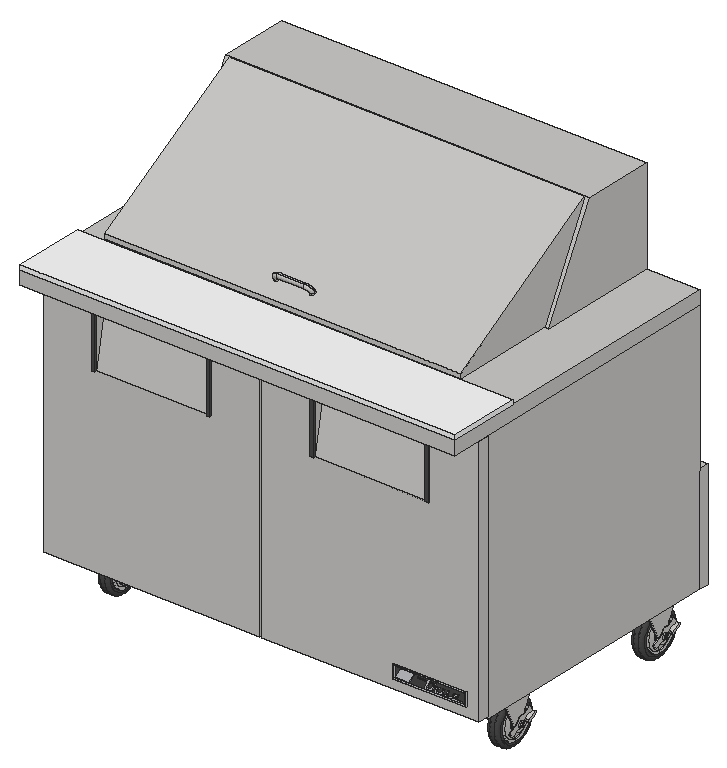
Revit family "QF_TRUE_TSSU-48-18M-B-HC_cat", category Specialty Equipment, Revit 2016
Family settings
  Part Type = Normal
  Round Connector Dimension = Use Diameter
  Work Plane-Based = No
  Always vertical = Yes
  Cut with Voids When Loaded = No
  Shared = No
  Room Calculation Point = No
Parameters
  Weight in Pounds = 310
  Watts = if(Phase = 3, Volts * FL Amps * 1.73, Volts * FL Amps)  # 667 W
  Volts = 115 V
  URL Cutsheet = ""
  Specification by User = ""
  Specification by Manufacturer = ""
  Show 6 Inches Seismic Flanged Legs [instance] = no
  Show Logo [instance] = yes
  Show Default Castors [instance] = if(Show 6 Inches Standard Legs, or(Show 6 Inches Seismic Flanged Legs, Show 2.5 Inches Castors), if(Show 2.5 Inches Castors, Show 6 Inches Seismic Flanged Legs, not(or(Show 6 Inches Seismic Flanged Legs, Show 2.5 Inches Castors, Show 6 Inches Standard Legs))))  # yes
  Show Clearance [instance] = yes
  Show 6 Inches Standard Legs [instance] = no
  Show 2.5 Inches Castors [instance] = no
  Serial Number = ""
  Seismic Rating = ""
  SMACNA No = ""
  Revision Code = ""
  Phase = 1
  Number of Poles = 1
  NAFEM Spec ID Number = ""
  Model = "TSSU-48-18M-B-HC"
  Min Ckt Ampacity = 0 A
  Max Overcurrent Protection = 0 A
  Masterspec = ""
  Manufacturer = "TRUE"
  Length = 48 5/16"
  Item Number = ""
  Installed By = ""
  Identify Quantity as Lot = yes
  Height [instance] = Base Height + Body Height  # 46 15/32"
  HP = "1/3"
  Furnished By = ""
  Foodservice Equipment Identifier = yes
  FL Amps = 5.8 A
  Electrical Remarks = ""
  Electric Connection Type = ""
  Elec Conn RI Height = 0"
  Elec Conn Connection Height = 0"
  Description = "MEGA-TOP SOLID DOOR SANDWICH/SALAD UNIT WITH HYDROCARBON REFRIGERANT"
  Depth = 34 1/16"
  Cycle = 60 Hz
  Conn Plug = "NEMA 5-15P"
  Conn Conduit = yes
  CSI MasterFormat = ""
  Body Height [instance] = 40 9/32"
  Base Height [instance] = if(Show Default Castors, 6 3/16", if(Show 6 Inches Standard Legs, 6", if(Show 6 Inches Seismic Flanged Legs, 6", if(Show 2.5 Inches Castors, 2 1/2", 6 3/16"))))  # 6 3/16"
  Apparent Power = if(Phase = 3, Volts * FL Amps * 1.73, Volts * FL Amps)  # 667 VA
  6 Inches Standard Legs [instance] = and(Show 6 Inches Standard Legs, not(Show Default Castors))  # no
  6 Inches Seismic Flanged Legs [instance] = and(Show 6 Inches Seismic Flanged Legs, not(Show Default Castors))  # no
  2.5 Inches Castors [instance] = and(Show 2.5 Inches Castors, not(Show Default Castors))  # no
Reference planes (in)
  plane 1 "BACK": y = 0
  plane 2: z = 0
  plane 3 "LEFT": x = 0
  plane 4 "RIGHT": x = 48.3125
  plane 5 "FRONT": y = -34.0625
  plane 6 "TOP": z = 46.46875
  plane 7 "Center Y": x = 24.15625
  plane 8 "Center X": y = -17.03125
  plane 9: y = -51.53125
  plane 10: z = 6.1875
Dimensions and locks (in)
  equal spacing: plane 3 "LEFT", plane 7 "Center Y", plane 4 "RIGHT"
  "Length": plane 3 "LEFT" to plane 4 "RIGHT"
  equal spacing: plane 5 "FRONT", plane 8 "Center X", plane 1 "BACK"
  "Depth": plane 5 "FRONT" to plane 1 "BACK"
  "Base Height": plane 10 to level
  plane 3 "LEFT" to plane 4 "RIGHT" = 48 5/16"
  plane 9 to plane 5 "FRONT" = 17 15/32"  (x2)
  plane 9 to plane 1 "BACK" = 51 17/32"
  "Body Height": plane 6 "TOP" to plane 10
  plane 6 "TOP" to level = 46 15/32"
  aligned and locked: level to plane 2
  aligned and locked: nested 5 to plane 10
Nested families (in)
  nested 1: "CASTORS" at (2.5, -4.5, 0), Show 6" Casters <- "Show Default Castors", Show Seismic flanged legs <- "6 Inches Seismic Flanged Legs", Show Standard Legs <- "6 Inches Standard Legs", Show 2.5" Casters <- "2.5 Inches Castors", type "CASTORS"
    with Type Mark "", Status "", Specification by User "", Show Standard Legs no, Show Seismic flanged legs no, Show 6" Casters yes, Show 2.5" Casters no, Revision Code "", Key Locks yes, Item Number "", Installed By "", Identify Quantity as Lot yes, Furnished By "", Foodservice Equipment Identifier yes
  nested 2: "CASTORS" at (45.8125, -4.5, 0), Show 6" Casters <- "Show Default Castors", Show Seismic flanged legs <- "6 Inches Seismic Flanged Legs", Show Standard Legs <- "6 Inches Standard Legs", Show 2.5" Casters <- "2.5 Inches Castors", type "CASTORS"
    with Type Mark "", Status "", Specification by User "", Show Standard Legs no, Show Seismic flanged legs no, Show 6" Casters yes, Show 2.5" Casters no, Revision Code "", Key Locks yes, Item Number "", Installed By "", Identify Quantity as Lot yes, Furnished By "", Foodservice Equipment Identifier yes
  nested 3: "CASTORS" at (45.8125, -24.5, 0), Show 6" Casters <- "Show Default Castors", Show Seismic flanged legs <- "6 Inches Seismic Flanged Legs", Show Standard Legs <- "6 Inches Standard Legs", Show 2.5" Casters <- "2.5 Inches Castors", type "CASTORS"
    with Type Mark "", Status "", Specification by User "", Show Standard Legs no, Show Seismic flanged legs no, Show 6" Casters yes, Show 2.5" Casters no, Revision Code "", Key Locks yes, Item Number "", Installed By "", Identify Quantity as Lot yes, Furnished By "", Foodservice Equipment Identifier yes
  nested 4: "CASTORS" at (2.5, -24.5, 0), Show 6" Casters <- "Show Default Castors", Show Seismic flanged legs <- "6 Inches Seismic Flanged Legs", Show Standard Legs <- "6 Inches Standard Legs", Show 2.5" Casters <- "2.5 Inches Castors", type "CASTORS"
    with Type Mark "", Status "", Specification by User "", Show Standard Legs no, Show Seismic flanged legs no, Show 6" Casters yes, Show 2.5" Casters no, Revision Code "", Key Locks yes, Item Number "", Installed By "", Identify Quantity as Lot yes, Furnished By "", Foodservice Equipment Identifier yes
  nested 5: "TSSU-48-18M-B-HC" at (0, 0, 0), Show Clearance <- "Show Clearance", Show Logo <- "Show Logo", type "TSSU-48-18M-B-HC"
    with Show Logo yes, Show Clearance yes
Connectors (in)
  electrical at (45.36272, 1, 10.426), driven by "Volts", driven by "Watts"
    settings: on nested 5, index 1, voltage 115 V, apparent load 667 VA, apparent load phase1 0 VA, apparent load phase2 0 VA, apparent load phase3 0 VA, power factor 1, load classification "Other", number of poles 1, system type 30, power factor state 1, is connector primary yes, connector utility no, sub classification motor no, connector description "ELECTRICAL CONNECTION"
Definition of nested family "CASTORS"
  Parameters (values of type "CASTORS")
    Weight = ""
    URL Manufacturer = ""
    URL Cutsheet = ""
    URL = ""
    Type Mark [instance] = ""
    Status [instance] = ""
    Specification by User [instance] = ""
    Specification by Manufacturer = ""
    Show Standard Legs [instance] = yes
    Show Seismic flanged legs [instance] = yes
    Show 6" Casters [instance] = yes
    Show 2.5" Casters [instance] = yes
    Serial Number = ""
    Seismic Rating = ""
    SMACNA No = ""
    Revision Code [instance] = ""
    Omniclass Number and Title = ""
    NAFEM Spec ID Number = ""
    Model = ""
    MasterSpec. = ""
    Manufacturer = ""
    Key Locks [instance] = yes
    Item Number [instance] = ""
    Installed By [instance] = ""
    Identify Quantity as Lot [instance] = yes
    Furnished By [instance] = ""
    Foodservice Equipment Identifier [instance] = yes
    Description = ""
    CSI MasterFormat = ""
    CSI Master Format = ""
    Assembly Code = ""
  Reference planes (in)
    plane 1: z = 0
    plane 2 "RIGHT": x = 0
    plane 3 "FRONT": y = 0
    plane 4 "TOP": z = 6
    plane 5: z = 6.1875
  Forms (in)
    Revolve 1, solid, visible <- "Show 6" Casters"
      sketch origin (0, 2.21793, 0) x (0, 1, 0) y (0, 0, 1)
        loop
          line (-2.21793, 6.1875) -> (-2.21793, 5.55584) -> (-0.93693, 5.55584) -> (-0.93693, 6.1875) -> (-2.21793, 6.1875)
        axis (-2.21793, 5.55584) -> (-2.21793, 6.1875)
      angle from 0 to 360
    Extrusion 2, solid, visible <- "Show 6" Casters"
      sketch origin (-1.81294, 2.21793, 0) x (0, 1, 0) y (0, 0, 1)
        loop
          line (-3.37793, 5.55584) -> (-3.37793, 5.25584) -> (-3.23369, 5.25584)
          arc (-3.23369, 5.25584) -> (-3.1238, 5.20977) -> (-3.03725, 5.12786) r 0.33195
          line (-3.03725, 5.12786) -> (-1.55521, 1.94961)
          arc (-1.55521, 1.94961) -> (-0.54268, 1.81523) -> (-0.22336, 2.78544) r 0.8
          arc (-0.22336, 2.78544) -> (-0.27816, 2.89808) -> (-0.34988, 3.00079) r 0.8
          arc (-0.34988, 3.00079) -> (-0.37005, 3.3613) -> (-0.26088, 3.70547) r 1
          line (-0.26088, 3.70547) -> (0.31507, 4.78867)
          arc (0.31507, 4.78867) -> (-0.09241, 4.97284) -> (-0.5252, 5.08531) r 2.63
          line (-0.5252, 5.08531) -> (-0.54193, 5.25584) -> (-1.05793, 5.25584) -> (-1.05793, 5.55584) -> (-3.37793, 5.55584)
      from 0.78968 to 0.90247
    Extrusion 3, solid, visible <- "Show 6" Casters"
      sketch origin (0.13094, 2.21793, 0) x (0, 1, 0) y (0, 0, 1)
        loop
          line (-3.37793, 5.55584) -> (-3.37793, 5.25584) -> (-3.23369, 5.25584)
          arc (-3.23369, 5.25584) -> (-3.1238, 5.20977) -> (-3.03725, 5.12786) r 0.33195
          line (-3.03725, 5.12786) -> (-1.55521, 1.94961)
          arc (-1.55521, 1.94961) -> (-0.54268, 1.81523) -> (-0.22336, 2.78544) r 0.8
          arc (-0.22336, 2.78544) -> (-0.27816, 2.89808) -> (-0.34988, 3.00079) r 0.8
          arc (-0.34988, 3.00079) -> (-0.37005, 3.3613) -> (-0.26088, 3.70547) r 1
          line (-0.26088, 3.70547) -> (0.31507, 4.78867)
          arc (0.31507, 4.78867) -> (-0.09241, 4.97284) -> (-0.5252, 5.08531) r 2.63
          line (-0.5252, 5.08531) -> (-0.54193, 5.25584) -> (-1.05793, 5.25584) -> (-1.05793, 5.55584) -> (-3.37793, 5.55584)
      from 0.78968 to 0.90247
    Extrusion 4, solid, visible <- "Show 6" Casters"
      sketch origin (-1.93794, 2.21793, 0) x (0, 1, 0) y (0, 0, 1)
        loop
          line (-3.37793, 5.55584) -> (-3.37793, 5.25584) -> (-3.23369, 5.25584) -> (-0.7432, 5.03796) -> (0.2811, 4.72479) -> (0.31507, 4.78867)
          arc (0.31507, 4.78867) -> (-0.09241, 4.97284) -> (-0.5252, 5.08531) r 2.63
          line (-0.5252, 5.08531) -> (-0.54193, 5.25584) -> (-1.05793, 5.25584) -> (-1.05793, 5.55584) -> (-3.37793, 5.55584)
      from 1.02747 to 2.85669
    Revolve 5, solid, visible <- "Show 6" Casters"
      sketch origin (-1.93794, 1.21343, 0) x (1, 0, 0) y (0, 0, 1)
        loop
          line (0.5843, 2.5041) -> (3.2907, 2.5041) -> (3.2907, 2.6421) -> (3.2407, 2.6921) -> (3.1807, 2.6921) -> (3.1807, 2.8278) -> (2.7025, 2.8278) -> (2.7025, 3.22009) -> (2.5625, 3.30092) -> (2.42847, 4.1291) -> (2.59375, 4.1291) -> (2.59375, 4.3791) -> (2.5625, 4.3791) -> (2.5625, 4.6291)
          arc (2.5625, 4.6291) -> (2.45267, 4.89426) -> (2.1875, 5.0041) r 0.375
          line (2.1875, 5.0041) -> (1.6875, 5.0041)
          arc (1.6875, 5.0041) -> (1.42233, 4.89426) -> (1.3125, 4.6291) r 0.375
          line (1.3125, 4.6291) -> (1.3125, 4.3791) -> (1.28125, 4.3791) -> (1.28125, 4.1291) -> (1.44653, 4.1291) -> (1.31307, 3.30443) -> (1.1725, 3.22327) -> (1.1725, 2.8278) -> (0.6943, 2.8278) -> (0.6943, 2.6921) -> (0.6343, 2.6921) -> (0.5843, 2.6421) -> (0.5843, 2.5041)
        axis (0.5843, 2.5041) -> (3.2907, 2.5041)
      angle from 0 to 360
    Extrusion 6, solid, visible <- "Show 6" Casters"
      sketch origin (1.125, 2.28164, 0.06473) x (0, 1, 0) y (0, 0, 1)
        loop
          line (-2.58496, 2.03961) -> (-2.48146, 1.86034)
          arc (-2.48146, 1.86034) -> (-2.2914, 1.71451) -> (-2.05389, 1.74578) r 0.313
          line (-2.05389, 1.74578) -> (-1.65224, 1.97767)
          arc (-1.65224, 1.97767) -> (-1.57675, 2.00894) -> (-1.49574, 2.01961) r 0.313
          line (-1.49574, 2.01961) -> (-0.75504, 2.01961)
          arc (-0.75504, 2.01961) -> (-0.50047, 2.10967) -> (-0.33862, 2.32583) r 0.46592
          arc (-0.33862, 2.32583) -> (-0.3435, 2.357) -> (-0.36609, 2.37904) r 0.05
          arc (-0.36609, 2.37904) -> (-0.62217, 2.51108) -> (-0.52795, 2.78336) r 0.22
          line (-0.52795, 2.78336) -> (0.14284, 3.17074)
          arc (0.14284, 3.17074) -> (0.24081, 3.14321) -> (0.21087, 3.04595) r 0.07109
          line (0.21087, 3.04595) -> (0.3415, 2.91533)
          arc (0.3415, 2.91533) -> (0.46473, 3.10362) -> (0.42979, 3.32592) r 0.313
          line (0.42979, 3.32592) -> (0.23309, 3.66661) -> (-0.54633, 3.21661)
          arc (-0.54633, 3.21661) -> (-0.67098, 3.20163) -> (-0.79652, 3.20306) r 0.9589
          arc (-0.79652, 3.20306) -> (-1.13602, 3.13035) -> (-1.38688, 2.89031) r 0.63657
          arc (-1.38688, 2.89031) -> (-1.45411, 2.76529) -> (-1.53273, 2.64711) r 1.51617
          line (-1.53273, 2.64711) -> (-1.89213, 2.43961) -> (-2.58496, 2.03961)
      from 0 to 0.0625
    Extrusion 7, solid, visible <- "Show 6" Casters"
      sketch origin (1.125, 2.28164, 0.06473) x (0, 1, 0) y (0, 0, 1)
        loop
          arc (-0.45692, 2.6604) -> (-0.48136, 2.54745) -> (-0.36656, 2.53415) r 0.078
          line (-0.36656, 2.53415) -> (0.3415, 2.91533)
          arc (0.3415, 2.91533) -> (0.44304, 3.03852) -> (0.47061, 3.19578) r 0.313
          line (0.47061, 3.19578) -> (-0.45692, 2.6604)
      from 0 to 0.5
    Extrusion 8, solid, visible <- "Show 6" Casters"
      sketch origin (-1.125, 2.28164, 0.06473) x (0, 1, 0) y (0, 0, -1)
        loop
          line (-2.58496, -2.03961) -> (-1.89213, -2.43961) -> (-1.53273, -2.64711)
          arc (-1.53273, -2.64711) -> (-1.45411, -2.76529) -> (-1.38688, -2.89031) r 1.51617
          arc (-1.38688, -2.89031) -> (-1.13602, -3.13035) -> (-0.79652, -3.20306) r 0.63657
          arc (-0.79652, -3.20306) -> (-0.67098, -3.20163) -> (-0.54633, -3.21661) r 0.9589
          line (-0.54633, -3.21661) -> (0.23309, -3.66661) -> (0.42979, -3.32592)
          arc (0.42979, -3.32592) -> (0.46473, -3.10362) -> (0.3415, -2.91533) r 0.313
          line (0.3415, -2.91533) -> (0.21087, -3.04595)
          arc (0.21087, -3.04595) -> (0.24081, -3.14321) -> (0.14284, -3.17074) r 0.07109
          line (0.14284, -3.17074) -> (-0.52795, -2.78336)
          arc (-0.52795, -2.78336) -> (-0.62217, -2.51108) -> (-0.36609, -2.37904) r 0.22
          arc (-0.36609, -2.37904) -> (-0.3435, -2.357) -> (-0.33862, -2.32583) r 0.05
          arc (-0.33862, -2.32583) -> (-0.50047, -2.10967) -> (-0.75504, -2.01961) r 0.46592
          line (-0.75504, -2.01961) -> (-1.49574, -2.01961)
          arc (-1.49574, -2.01961) -> (-1.57675, -2.00894) -> (-1.65224, -1.97767) r 0.313
          line (-1.65224, -1.97767) -> (-2.05389, -1.74578)
          arc (-2.05389, -1.74578) -> (-2.2914, -1.71451) -> (-2.48146, -1.86034) r 0.313
          line (-2.48146, -1.86034) -> (-2.58496, -2.03961)
      from 0 to 0.0625
    Extrusion 9, solid, visible <- "Show 6" Casters"
      sketch origin (-1.125, 2.28164, 0.06473) x (0, 1, 0) y (0, 0, -1)
        loop
          line (-0.45692, -2.6604) -> (0.47061, -3.19578)
          arc (0.47061, -3.19578) -> (0.44304, -3.03852) -> (0.3415, -2.91533) r 0.313
          line (0.3415, -2.91533) -> (-0.36656, -2.53415)
          arc (-0.36656, -2.53415) -> (-0.48136, -2.54745) -> (-0.45692, -2.6604) r 0.078
      from 0 to 0.5
    Revolve 10, solid, visible <- "Show Standard Legs"
      sketch origin (11.12172, 0, 0) x (-1, 0, 0) y (0, 0, -1)
        loop
          line (11.12172, -6.125) -> (11.12172, 0) -> (10.62172, 0) -> (10.62172, -1.30261) -> (10.37172, -1.30261) -> (10.37172, -6.125) -> (11.12172, -6.125)
        axis (11.12172, 0) -> (11.12172, -6.125)
      angle from 0 to 360
    Extrusion 11, solid, visible <- "Show Seismic flanged legs"
      sketch origin (0, 0, 0) x (1, 0, 0) y (0, 1, 0)
        loop
          circle (-0.00825, 0) r 1
      from 0 to 0.125
    Revolve 12, solid, visible <- "Show Seismic flanged legs"
      sketch origin (11.12172, 0, 0) x (-1, 0, 0) y (0, 0, -1)
        loop
          line (11.12172, -6.125) -> (11.12172, -0.125) -> (10.62172, -0.125) -> (10.62172, -1.30261) -> (10.37172, -1.30261) -> (10.37172, -6.125) -> (11.12172, -6.125)
        axis (11.12172, -0.125) -> (11.12172, -6.125)
      angle from 0 to 360
    Revolve 13, solid, visible <- "Show Standard Legs"
      sketch origin (-2.21793, 0, 0.25) x (-1, 0, 0) y (0, 0, 1)
        loop
          line (-2.21793, 5.875) -> (-2.21793, 5.55584) -> (-0.93693, 5.55584) -> (-0.93693, 5.875) -> (-2.21793, 5.875)
        axis (-2.21793, 5.55584) -> (-2.21793, 5.875)
      angle from 0 to 360
  Cuts and joins
    joined: Extrusion 2, Extrusion 3, Extrusion 4
  Lines and regions (in)
    symbolic lines, visible <- "Show 6" Casters"
      curve 1: line (0.70901, 2.6399, 0) -> (1.79507, 2.01286, 0)
      curve 2: line (-1.79099, -1.69023, 0) -> (-0.91599, -0.17468, 0)
      curve 3: line (-0.70493, -2.31727, 0) -> (-1.79099, -1.69023, 0)
      curve 4: line (1.79507, 2.01286, 0) -> (0.92007, 0.49732, 0)
      curve 5: line (-0.16599, 1.12436, 0) -> (0.70901, 2.6399, 0)
      curve 6: line (0.17007, -0.80172, 0) -> (-0.70493, -2.31727, 0)
  Dimensions and locks (in)
    plane 4 "TOP" to level = 6"  (x2)
    Revolve 5 sketch curve to Revolve 5 sketch curve = 2 1/2"
    plane 5 to level = 6 3/16"
    locked: Revolve 10 sketch curve to Revolve 10 sketch curve at 1.30261
    locked: Revolve 10 sketch curve to Revolve 10 sketch curve at 0.75
    locked: Revolve 12 sketch curve to Revolve 12 sketch curve at 0.75
    aligned and locked: level to plane 1
  Nested families (in)
    nested 1: "2.5 INCHES_CASTER" at (0, 0, 0), visible <- "Show 2.5" Casters", type "2.5 INCHES_CASTER"
      with Type Mark "", Specification by User "", Revision Code "", Item Number "", Installed By "", Identify Quantity as Lot yes, Furnished By "", Foodservice Equipment Identifier yes, 2.5 Inches Caster yes
  Definition of nested family "2.5 INCHES_CASTER"
    Parameters (values of type "2.5 INCHES_CASTER")
      Weight = ""
      URL Manufacturer = ""
      URL Cutsheet = ""
      URL = ""
      Type Mark [instance] = ""
      Specification by User [instance] = ""
      Specification by Manufacturer = ""
      Serial Number = ""
      Seismic Rating = ""
      SMACNA No = ""
      Revision Code [instance] = ""
      Omniclass Number and Title = ""
      NAFEM Spec ID Number = ""
      Model = ""
      MasterSpec. = ""
      Manufacturer = ""
      Item Number [instance] = ""
      Installed By [instance] = ""
      Identify Quantity as Lot [instance] = yes
      Furnished By [instance] = ""
      Foodservice Equipment Identifier [instance] = yes
      Description = ""
      CSI MasterFormat = ""
      CSI Master Format = ""
      Assembly Code = ""
      2.5 Inches Caster [instance] = yes
    Reference planes (in)
      plane 1: z = 0
      plane 2 "RIGHT": x = 0
      plane 3 "FRONT": y = 0
      plane 4 "TOP": z = 2.5
    Forms (in)
      Revolve 1, solid
        sketch origin (-1.93794, 0.46818, -1.0041) x (1, 0, 0) y (0, 0, 1)
          loop
            line (0.74055, 1.92597) -> (0.74055, 1.85047) -> (0.79055, 1.80047) -> (0.85055, 1.80047) -> (0.85055, 1.6804) -> (1.235, 1.6804) -> (1.235, 1.61305) -> (1.38673, 1.52545) -> (1.4003, 1.4416) -> (1.34375, 1.4416) -> (1.34375, 1.3166) -> (1.375, 1.3166) -> (1.375, 1.0041) -> (2.48438, 1.0041) -> (2.48438, 1.3166) -> (2.51563, 1.3166) -> (2.51563, 1.4416) -> (2.45908, 1.4416) -> (2.47322, 1.52897) -> (2.62438, 1.61624) -> (2.62438, 1.6804) -> (3.04007, 1.6804) -> (3.04007, 1.80047) -> (3.10007, 1.80047) -> (3.15007, 1.85047) -> (3.15007, 1.92597) -> (0.74055, 1.92597)
          axis (0.74055, 1.92597) -> (3.15007, 1.92597)
        angle from 0 to 360
      Extrusion 2, solid
        sketch origin (-1.93794, 1.43296, -3.2541) x (0, 1, 0) y (0, 0, 1)
          loop
            line (-0.64294, 5.43229) -> (-0.64294, 5.55298) -> (-2.21294, 5.55298) -> (-2.21294, 5.30272) -> (-1.81966, 5.30272)
            arc (-1.81966, 5.30272) -> (-1.13638, 5.20789) -> (-0.46376, 5.05475) r 8.02767
            arc (-0.46376, 5.05475) -> (-0.19511, 4.95469) -> (0.05138, 4.80832) r 1.60049
            line (0.05138, 4.80832) -> (0.12713, 4.91318)
            arc (0.12713, 4.91318) -> (-0.07255, 5.06376) -> (-0.29048, 5.18644) r 1.8753
            line (-0.29048, 5.18644) -> (-0.22239, 5.30423)
            arc (-0.22239, 5.30423) -> (-0.42776, 5.38437) -> (-0.64294, 5.43229) r 1.44292
        from 1.17357 to 2.70231
      Revolve 3, solid
        sketch origin (0, 1.73858, -3.75) x (0, 1, 0) y (0, 0, 1)
          loop
            line (-1.73858, 6.25) -> (-1.73858, 6.04889) -> (-1.05793, 6.04889) -> (-1.05793, 6.25) -> (-1.73858, 6.25)
          axis (-1.73858, 6.04889) -> (-1.73858, 6.25)
        angle from 0 to 360
      Extrusion 4, solid
        sketch origin (-1.98481, 1.43296, -1.7541) x (0, 1, 0) y (0, 0, 1)
          loop
            line (-2.21294, 4.05298) -> (-2.21294, 3.80272) -> (-2.13999, 3.80272)
            arc (-2.13999, 3.80272) -> (-1.62379, 3.51899) -> (-1.39241, 2.97729) r 0.90292
            arc (-1.39241, 2.97729) -> (-1.36136, 2.78161) -> (-1.29729, 2.59413) r 1.15385
            arc (-1.29729, 2.59413) -> (-0.94802, 2.37355) -> (-0.6121, 2.61396) r 0.37001
            arc (-0.6121, 2.61396) -> (-0.59625, 2.66241) -> (-0.58446, 2.712) r 0.61695
            arc (-0.58446, 2.712) -> (-0.36134, 3.11665) -> (0.05609, 3.31484) r 0.75313
            line (0.05609, 3.31484) -> (0.12713, 3.41318)
            arc (0.12713, 3.41318) -> (-0.07255, 3.56376) -> (-0.29048, 3.68644) r 1.8753
            line (-0.29048, 3.68644) -> (-0.22239, 3.80423)
            arc (-0.22239, 3.80423) -> (-0.42776, 3.88437) -> (-0.64294, 3.93229) r 1.44292
            line (-0.64294, 3.93229) -> (-0.64294, 4.05298) -> (-2.21294, 4.05298)
        from 2.74918 to 2.90825
      Extrusion 5, solid
        sketch origin (1.98481, 1.43296, -1.7541) x (0, 1, 0) y (0, 0, -1)
          loop
            line (-2.21294, -4.05298) -> (-0.64294, -4.05298) -> (-0.64294, -3.93229)
            arc (-0.64294, -3.93229) -> (-0.42776, -3.88437) -> (-0.22239, -3.80423) r 1.44292
            line (-0.22239, -3.80423) -> (-0.29048, -3.68644)
            arc (-0.29048, -3.68644) -> (-0.07255, -3.56376) -> (0.12713, -3.41318) r 1.8753
            line (0.12713, -3.41318) -> (0.05609, -3.31484)
            arc (0.05609, -3.31484) -> (-0.36134, -3.11665) -> (-0.58446, -2.712) r 0.75313
            arc (-0.58446, -2.712) -> (-0.59625, -2.66241) -> (-0.6121, -2.61396) r 0.61695
            arc (-0.6121, -2.61396) -> (-0.94802, -2.37355) -> (-1.29729, -2.59413) r 0.37001
            arc (-1.29729, -2.59413) -> (-1.36136, -2.78161) -> (-1.39241, -2.97729) r 1.15385
            arc (-1.39241, -2.97729) -> (-1.62379, -3.51899) -> (-2.13999, -3.80272) r 0.90292
            line (-2.13999, -3.80272) -> (-2.21294, -3.80272) -> (-2.21294, -4.05298)
        from 2.74918 to 2.90825
    Lines and regions (in)
      symbolic lines, visible <- "2.5 Inches Caster"
        curve 1: line (0.19673, 1.08498, 0) -> (0.89966, 0.67914, 0)
        curve 2: line (-0.80327, -0.64707, 0) -> (0.19673, 1.08498, 0)
        curve 3: line (-0.10034, -1.05291, 0) -> (-0.80327, -0.64707, 0)
        curve 4: line (0.89966, 0.67914, 0) -> (-0.10034, -1.05291, 0)
    Dimensions and locks (in)
      plane 4 "TOP" to level = 2 1/2"  (x2)
      aligned and locked: level to plane 1
Definition of nested family "TSSU-48-18M-B-HC"
  Parameters (values of type "TSSU-48-18M-B-HC")
    Weight in Pounds = 310
    Watts = if(Phase = 3, Volts * FL Amps * 1.73, Volts * FL Amps)  # 667 W
    Volts = 115 V
    URL Cutsheet = ""
    Specification by User = ""
    Specification by Manufacturer = ""
    Show Logo [instance] = yes
    Show Clearance [instance] = yes
    Serial Number = ""
    Seismic Rating = ""
    SMACNA No = ""
    Revision Code = ""
    Phase = 1
    Number of Poles = 1
    NAFEM Spec ID Number = ""
    Model = "TSSU-48-18M-B-HC"
    Min Ckt Ampacity = 0 A
    Max Overcurrent Protection = 0 A
    Masterspec = ""
    Manufacturer = "TRUE"
    Length = 48 5/16"
    Item Number = ""
    Installed By = ""
    Identify Quantity as Lot = yes
    Height = 46 15/32"
    HP = "1/3"
    Furnished By = ""
    Foodservice Equipment Identifier = yes
    FL Amps = 5.8 A
    Electrical Remarks = ""
    Electric Connection Type = ""
    Elec Conn RI Height = 0"
    Elec Conn Connection Height = 0"
    Description = "MEGA-TOP SOLID DOOR SANDWICH/SALAD UNIT WITH HYDROCARBON REFRIGERANT"
    Depth = 34 1/16"
    Cycle = 60 Hz
    Conn Plug = "NEMA 5-15P"
    Conn Conduit = yes
    CSI MasterFormat = ""
    Apparent Power = if(Phase = 3, Volts * FL Amps * 1.73, Volts * FL Amps)  # 667 VA
  Reference planes (in)
    plane 1 "BACK": y = 0
    plane 2: z = 0
    plane 3 "LEFT": x = 0
    plane 4 "RIGHT": x = 48.3125
    plane 5 "FRONT": y = -34.0625
    plane 6 "TOP": z = 46.46875
    plane 7 "Center Y": x = 24.15625
    plane 8 "Center X": y = -17.03125
    plane 9: y = -51.53125
    plane 10: y = 1
    plane 11: z = 6.1875
    plane 12: z = 3.875
  Forms (in)
    Extrusion 1, solid, visible <- "Show Clearance", detail levels coarse
      sketch origin (0, 0.75, 0) x (0, 1, 0) y (0, 0, 1)
        loop
          line (-8.625, 46.46875) -> (-12.07836, 51.21875)
          arc (-12.07836, 51.21875) -> (-21.46619, 46.09656) -> (-26.00818, 36.41469) r 17.18846
          line (-26.00818, 36.41469) -> (-8.625, 46.46875)
      from 2.34375 to 41.84375
    Extrusion 2, solid
      sketch origin (0, 1, -3.03125) x (0, 1, 0) y (0, 0, 1)
        loop
          line (-35.0625, 38.96875) -> (-35.0625, 37.46875) -> (-1, 37.46875) -> (-1, 38.96875) -> (-35.0625, 38.96875)
      from 0 to 48.3125
    Extrusion 3, solid
      sketch origin (0, 1, -3.03125) x (0, 1, 0) y (0, 0, 1)
        loop
          line (-35.0625, 38.96875) -> (-27.05817, 38.96875) -> (-27.05817, 39.46875) -> (-35.0625, 39.46875) -> (-35.0625, 38.96875)
      from 0 to 48.3125
    Extrusion 4, solid
      sketch origin (0.3125, 1, 0) x (0, 1, 0) y (0, 0, 1)
        loop
          line (-1, 46.46875) -> (-8.875, 46.46875) -> (-14.53299, 35.9375) -> (-1, 35.9375) -> (-1, 46.46875)
      from 1.53125 to 42.03125
    Extrusion 5, solid
      sketch origin (0, -3.90625, -3.03125) x (0, 1, 0) y (0, 0, 1)
        loop
          line (-3.96875, 49.5) -> (-21.3125, 39.46875) -> (-21.3125, 38.96875) -> (-9.62674, 38.96875) -> (-3.96875, 49.5)
      from 2.34375 to 41.84375
    Extrusion 6, solid
      sketch origin (0, 1, 0) x (0, 1, 0) y (0, 0, 1)
        loop
          line (-1, 34.4375) -> (-30.5625, 34.4375) -> (-30.5625, 6.1875) -> (-1, 6.1875) -> (-1, 34.4375)
      from 0 to 48.3125
    Extrusion 7, solid
      sketch origin (64.0625, -29.5625, 31.6875) x (0, 0, -1) y (-1, 0, 0)
        loop
          line (-2.625, 64.0625) -> (-2.625, 40.03125) -> (25.25, 40.03125) -> (25.25, 64.0625) -> (-2.625, 64.0625)
        loop
          line (25.25, 15.75) -> (25.25, 39.78125) -> (-2.625, 39.78125) -> (-2.625, 15.75) -> (25.25, 15.75)
        loop
          line (5.21362, 45.85937) -> (5.21362, 58.23437) -> (-1.28638, 58.23437) -> (-1.28638, 45.85937) -> (5.21362, 45.85937)
        loop
          line (5.21362, 33.95313) -> (-1.28638, 33.95313) -> (-1.28638, 21.57812) -> (5.21362, 21.57812) -> (5.21362, 33.95313)
      from 0 to -1.25
    Revolve 8, solid
      sketch origin (6, 1, -4.5) x (0, 1, 0) y (0, 0, 1)
        loop
          line (-0.60959, 34.53394) -> (-1, 34.53394) -> (-1, 33.92435) -> (0, 33.92435)
          arc (0, 33.92435) -> (-0.17855, 34.35539) -> (-0.60959, 34.53394) r 0.60959
        axis (0, 33.92435) -> (-1, 33.92435)
      angle from 0 to 360
    Revolve 9, solid
      sketch origin (42.3125, 1, -4.5) x (0, 1, 0) y (0, 0, -1)
        loop
          arc (-0.60959, -34.53394) -> (-0.17855, -34.35539) -> (0, -33.92435) r 0.60959
          line (0, -33.92435) -> (-1, -33.92435) -> (-1, -34.53394) -> (-0.60959, -34.53394)
        axis (0, -33.92435) -> (-1, -33.92435)
      angle from 0 to 360
    Extrusion 10, solid
      sketch origin (-6.875, 1, 2.25) x (0, 1, 0) y (0, 0, 1)
        loop
          line (-1.5, 3.9375) -> (-26.50117, 3.9375) -> (-26.50117, 1.625) -> (-1.5, 1.625) -> (-1.5, 3.9375)
      from 22.9375 to 35.5625
    Extrusion 11, solid
      sketch origin (5.82813, -29.5625, 26.47388) x (0, 0, 1) y (0, -1, 0)
        loop
          line (0, 1.25) -> (0, 0) -> (6.5, 0) -> (0, 1.25)
      from 12.375 to 0
    Sweep 12, solid
      path origin (1.79688, -5.83205, 6.71261) x (1, 0, 0) y (0, -0.498053, 0.867146)
        loop
          line (22.25, 35.4375) -> (22.25, 35.6875)
          arc (22.25, 35.6875) -> (22.10355, 36.04105) -> (21.75, 36.1875) r 0.5
          line (21.75, 36.1875) -> (18.75, 36.1875)
          arc (18.75, 36.1875) -> (18.39645, 36.04105) -> (18.25, 35.6875) r 0.5
          line (18.25, 35.6875) -> (18.25, 35.4375)
      profile origin (22.04688, -23.85535, 38.09247) x (0, 0.498053, -0.867146) y (0, -0.867146, -0.498053)
        loop
          circle (0, 0) r 0.25
    Extrusion 13, solid
      sketch origin (-47.25, 1, 6.1875) x (0, 0, 1) y (1, 0, 0)
        loop
          circle (4.2385, 92.61272) r 0.5
      from 0 to -0.125
    Extrusion 14, solid
      sketch origin (64.0625, -30.8125, 31.6875) x (0, 0, 1) y (-1, 0, 0)
        loop
          line (-5.21362, 58.60937) -> (-5.21362, 58.23437) -> (0.78638, 58.23437) -> (0.78638, 45.85937) -> (-5.21362, 45.85937) -> (-5.21362, 45.48437) -> (1.28638, 45.48437) -> (1.28638, 58.60937) -> (-5.21362, 58.60937)
        loop
          line (-5.21362, 21.20312) -> (1.28638, 21.20312) -> (1.28638, 34.32813) -> (-5.21362, 34.32813) -> (-5.21362, 33.95313) -> (0.78638, 33.95313) -> (0.78638, 21.57812) -> (-5.21362, 21.57812) -> (-5.21362, 21.20312)
      from 0 to 0.125
    Extrusion 15, solid
      sketch origin (30.10937, -29.5625, 29.97388) x (0, 0, -1) y (0, 1, 0)
        loop
          line (3.5, -1.25) -> (3.5, 0) -> (-3, 0) -> (3.5, -1.25)
      from 12.375 to 0
    Extrusion 16, solid
      sketch origin (0, 0, 0) x (0, 1, 0) y (0, 0, 1)
        loop
          line (0, 6.1875) -> (1, 6.1875) -> (1, 18.1875) -> (0, 18.1875) -> (0, 6.1875)
      from 0 to 48.3125
    Extrusion 17, solid, visible <- "Show Clearance", detail levels coarse
      sketch origin (24.03125, -29.5625, 6.4375) x (0, 1, 0) y (1, 0, 0)
        loop
          line (-1.25, -24.03125) -> (-1.25, 0)
          arc (-1.25, 0) -> (-16.05333, -8.18423) -> (-21.96875, -24.03125) r 24.3815
          line (-21.96875, -24.03125) -> (-1.25, -24.03125)
        loop
          line (-1.25, 24.28125) -> (-21.96875, 24.28125)
          arc (-21.96875, 24.28125) -> (-16.05333, 8.43423) -> (-1.25, 0.25) r 24.3815
          line (-1.25, 0.25) -> (-1.25, 24.28125)
      from -27.875 to 0
  Lines and regions (in)
    symbolic lines
      curve 1: line (3.0354, -22.31056, 0) -> (41.1521, -22.31056, 0)
      curve 2: line (3.0354, -3.56056, 0) -> (3.0354, -22.31056, 0)
      curve 3: line (41.1521, -3.56056, 0) -> (3.0354, -3.56056, 0)
      curve 4: line (0, -34.0625, 0) -> (48.3125, -34.0625, 0)
      curve 5: line (0, 0, 0) -> (0, -34.0625, 0)
      curve 6: line (48.3125, 0, 0) -> (0, 0, 0)
      curve 7: line (48.3125, -34.0625, 0) -> (48.3125, 0, 0)
      curve 8: line (1.84375, 0, 0) -> (1.84375, -13.53299, 0)
      curve 9: line (1.84375, -7.875, 0) -> (42.34375, -7.875, 0)
      curve 10: line (42.34375, -13.53299, 0) -> (42.34375, 0, 0)
      curve 11: line (42.34375, -13.53299, 0) -> (41.84375, -13.53299, 0)
      curve 12: line (41.84375, -7.875, 0) -> (41.84375, -25.21875, 0)
      curve 13: line (41.84375, -25.21875, 0) -> (2.34375, -25.21875, 0)
      curve 14: line (2.34375, -25.21875, 0) -> (2.34375, -7.875, 0)
      curve 15: line (1.84375, -13.53299, 0) -> (2.34375, -13.53299, 0)
      curve 16: line (2.34375, -8.375, 0) -> (41.84375, -8.375, 0)
      curve 17: arc (5.39041, 0.39041, 0) -> (6, 1, 0) -> (6.60959, 0.39041, 0) r 0.60959
      curve 18: line (5.39041, 0.39041, 0) -> (5.39041, 0, 0)
      curve 19: line (6.60959, 0, 0) -> (6.60959, 0.39041, 0)
      curve 20: arc (42.92209, 0.39041, 0) -> (42.3125, 1, 0) -> (41.70291, 0.39041, 0) r 0.60959
      curve 21: line (42.92209, 0.39041, 0) -> (42.92209, 0, 0)
      curve 22: line (41.70291, 0, 0) -> (41.70291, 0.39041, 0)
      curve 23: line (0, -26.05817, 0) -> (48.3125, -26.05817, 0)
      curve 24: line (15.74097, -3.56056, 0) -> (15.74097, -22.31056, 0)
      curve 25: line (41.55835, -9.81056, 0) -> (3.0354, -9.81056, 0)
      curve 26: line (41.55835, -16.06056, 0) -> (3.0354, -16.06056, 0)
      curve 27: line (9.38818, -3.56056, 0) -> (9.38818, -22.31056, 0)
      curve 28: line (22.09375, -3.56056, 0) -> (22.09375, -22.31056, 0)
      curve 29: line (28.44653, -3.56056, 0) -> (28.44653, -22.31056, 0)
      curve 34: line (41.1521, -3.56056, 0) -> (41.1521, -22.31056, 0)
      curve 35: line (34.79932, -3.56056, 0) -> (34.79932, -22.31056, 0)
    symbolic lines, visible <- "Show Clearance"
      curve 30: line (0, -34.0625, 0) -> (17.42822, -44.12469, 0)
      curve 31: arc (23.30746, -34.0625, 0) -> (20.97787, -39.45003, 0) -> (17.42822, -44.12469, 0) r 24.3815
      curve 32: arc (30.88428, -44.12469, 0) -> (27.33463, -39.45003, 0) -> (25.00504, -34.0625, 0) r 24.3815
      curve 33: line (48.3125, -34.0625, 0) -> (30.88428, -44.12469, 0)
  Dimensions and locks (in)
    equal spacing: plane 3 "LEFT", plane 7 "Center Y", plane 4 "RIGHT"
    "Length": plane 3 "LEFT" to plane 4 "RIGHT"
    equal spacing: plane 5 "FRONT", plane 8 "Center X", plane 1 "BACK"
    "Depth": plane 5 "FRONT" to plane 1 "BACK"
    "Height": plane 6 "TOP" to level
    plane 3 "LEFT" to plane 4 "RIGHT" = 48 5/16"
    plane 3 "LEFT" to Extrusion 4 to Extrusion 4 to plane 4 "RIGHT" = 1 27/32", 40 1/2", 5 31/32"
    Extrusion 10 to Extrusion 10 to plane 4 "RIGHT" = 12 5/8", 19 5/8"
    Extrusion 5 to plane 1 "BACK" = 25 7/32"
    Extrusion 5 to plane 1 "BACK" = 7 7/8"
    plane 9 to plane 5 "FRONT" = 17 15/32"  (x2)
    plane 10 to plane 9 = 52 17/32"
    plane 5 "FRONT" to plane 1 "BACK" = 34 1/16"
    plane 1 "BACK" to plane 10 = 1"
    plane 12 to plane 2 = 3 7/8"
    plane 11 to plane 12 = 2 5/16"
    plane 9 to plane 10 = 52 17/32"
    plane 6 "TOP" to plane 11 = 40 9/32"
    Extrusion 3 to plane 11 = 29 3/4"
    plane 6 "TOP" to Extrusion 3 = 10 17/32"
    plane 11 to plane 2 = 6 3/16"
    Extrusion 1 to plane 2 = 51 7/32"
    Extrusion 1 to Extrusion 2 = 15 9/32"
    Extrusion 3 to plane 2 = 35 15/16"
    aligned and locked: level to plane 2
  Automatic sketch dimensions
    Extrusion 1 sketch curve to plane 6 "TOP" = 0"
    Extrusion 1 sketch curve to plane 8 "Center X" = 8.22693"
    plane 8 "Center X" to Extrusion 1 sketch curve = 5.70289"
    plane 1 "BACK" to Extrusion 1 sketch curve = 8.19811"
    Extrusion 1 sketch curve to Extrusion 1 sketch curve = 3.45336"
    Extrusion 1 sketch curve to plane 6 "TOP" = 10.05406"
    Extrusion 1 sketch curve to plane 6 "TOP" = 12.15103"
    Extrusion 2 sketch curve to plane 5 "FRONT" = 0"
    Extrusion 2 sketch curve to plane 1 "BACK" = 0"
    Extrusion 2 sketch curve to plane 6 "TOP" = 12 1/32"
    Extrusion 2 sketch curve to Extrusion 2 sketch curve = 1 1/2"
    Extrusion 3 sketch curve to plane 5 "FRONT" = 0"
    Extrusion 3 sketch curve to Extrusion 3 sketch curve = 8.00433"
    Extrusion 3 sketch curve to plane 6 "TOP" = 10 17/32"
    Extrusion 3 sketch curve to Extrusion 3 sketch curve = 1/2"
    Extrusion 4 sketch curve to plane 6 "TOP" = 0"
    Extrusion 4 sketch curve to plane 1 "BACK" = 0"
    plane 1 "BACK" to Extrusion 4 sketch curve = 7 7/8"
    plane 8 "Center X" to Extrusion 4 sketch curve = 3.49826"
    Extrusion 4 sketch curve to plane 6 "TOP" = 10 17/32"
    Extrusion 5 sketch curve to plane 6 "TOP" = 0"
    Extrusion 5 sketch curve to plane 8 "Center X" = 8 3/16"
    plane 8 "Center X" to Extrusion 5 sketch curve = 3.49826"
    plane 1 "BACK" to Extrusion 5 sketch curve = 7 7/8"
    Extrusion 5 sketch curve to plane 6 "TOP" = 10 1/32"
    Extrusion 5 sketch curve to plane 6 "TOP" = 10 17/32"
    plane 11 to Extrusion 6 sketch curve = 0"
    Extrusion 6 sketch curve to plane 1 "BACK" = 0"
    Extrusion 6 sketch curve to plane 5 "FRONT" = 4 1/2"
    Extrusion 6 sketch curve to plane 6 "TOP" = 12 1/32"
    Extrusion 7 sketch curve to plane 3 "LEFT" = 0"
    plane 4 "RIGHT" to Extrusion 7 sketch curve = 0"
    Extrusion 7 sketch curve to plane 6 "TOP" = 12 5/32"
    Extrusion 7 sketch curve to Extrusion 7 sketch curve = 0"  (x2)
    Extrusion 7 sketch curve to Extrusion 7 sketch curve = 1.33862"  (x2)
    Extrusion 7 sketch curve to Extrusion 7 sketch curve = 6 1/2"  (x2)
    Extrusion 7 sketch curve to plane 7 "Center Y" = 1/8"
    Extrusion 7 sketch curve to plane 11 = 1/4"
    plane 4 "RIGHT" to Extrusion 7 sketch curve = 5 53/64"
    plane 7 "Center Y" to Extrusion 7 sketch curve = 5 61/64"
    plane 7 "Center Y" to Extrusion 7 sketch curve = 1/8"
    Extrusion 7 sketch curve to plane 7 "Center Y" = 5 61/64"
    plane 3 "LEFT" to Extrusion 7 sketch curve = 5 53/64"
    Revolve 8 sketch curve to plane 1 "BACK" = 0"
    Revolve 8 sketch curve to plane 10 = 0"  (x2)
    Revolve 8 sketch curve to Revolve 8 sketch curve = 0.39041"
    Revolve 8 sketch curve to plane 6 "TOP" = 17.0444"
    plane 1 "BACK" to Revolve 8 sketch curve = 3 3/4"
    Revolve 8 sketch curve to Revolve 8 sketch curve = 0"
    Revolve 9 sketch curve to plane 1 "BACK" = 0"
    Revolve 9 sketch curve to plane 10 = 0"  (x2)
    Revolve 9 sketch curve to Revolve 9 sketch curve = 0.39041"
    Revolve 9 sketch curve to plane 6 "TOP" = 16.43481"
    plane 1 "BACK" to Revolve 9 sketch curve = 3 3/4"
    Revolve 9 sketch curve to Revolve 9 sketch curve = 0"
    plane 11 to Extrusion 10 sketch curve = 0"
    Extrusion 10 sketch curve to plane 12 = 0"
    Extrusion 10 sketch curve to plane 8 "Center X" = 8.46992"
    plane 1 "BACK" to Extrusion 10 sketch curve = 1/2"
    Extrusion 11 sketch curve to Extrusion 7 = 0"  (x3)
    Extrusion 7 to Extrusion 11 sketch curve = 0"
    Sweep 12 sketch curve to plane 7 "Center Y" = 4 7/64"
    Sweep 12 sketch curve to Sweep 12 sketch curve = 1/2"  (x2)
    Sweep 12 sketch curve to Sweep 12 sketch curve = 3"
    Sweep 12 sketch curve to Sweep 12 sketch curve = 1/4"  (x2)
    Sweep 12 sketch curve to profile plane = 0"
    profile plane to Sweep 12 sketch curve = 0"
    Extrusion 15 sketch curve to Extrusion 7 = 0"  (x4)
    Extrusion 14 sketch curve to Extrusion 7 = 0"  (x8)
    Extrusion 7 to Extrusion 14 sketch curve = 0"  (x2)
    Extrusion 14 sketch curve to Extrusion 7 = 1/2"  (x2)
    Extrusion 7 to Extrusion 14 sketch curve = 3/8"  (x4)
    Extrusion 16 sketch curve to plane 1 "BACK" = 0"
    Extrusion 16 sketch curve to plane 10 = 0"
    plane 11 to Extrusion 16 sketch curve = 0"
    Extrusion 16 sketch curve to plane 11 = 12"
    Extrusion 13 sketch curve to Extrusion 16 = 4.2385"
    Extrusion 16 to Extrusion 13 sketch curve = 2.94978"
    Extrusion 17 sketch curve to Extrusion 7 = 0"  (x3)
    Extrusion 7 to Extrusion 17 sketch curve = 0"
    Extrusion 17 sketch curve to Extrusion 17 sketch curve = 20 23/32"
    Extrusion 7 to Extrusion 17 sketch curve = 20 23/32"
    Extrusion 7 to Extrusion 17 sketch curve = 0.07358"
    Extrusion 7 to Extrusion 17 sketch curve = 2.41264"
    Extrusion 7 to Extrusion 17 sketch curve = 1/4"
    Extrusion 17 sketch curve to Extrusion 17 sketch curve = 24 1/32"
    plane 1 "BACK" to curve 6 = 0"
    curve 6 to plane 3 "LEFT" = 0"
    plane 5 "FRONT" to curve 31 = 0"
    curve 33 to plane 4 "RIGHT" = 0"
    curve 31 to plane 3 "LEFT" = 0.07358"
    plane 3 "LEFT" to curve 15 = 1 27/32"
    plane 3 "LEFT" to curve 13 = 2 11/32"
    plane 3 "LEFT" to curve 3 = 3.0354"
    curve 18 to plane 1 "BACK" = 0.39041"
    curve 8 to curve 18 = 3.54666"
    curve 17 to curve 17 = 0.60959"
    curve 30 to plane 7 "Center Y" = 6.72803"
    plane 7 "Center Y" to curve 33 = 6.72803"
    plane 4 "RIGHT" to curve 1 = 7.1604"
    curve 22 to plane 1 "BACK" = 0.39041"
    curve 3 to curve 22 = 0.55081"
    curve 1 to curve 12 = 0.69165"
    curve 20 to curve 20 = 0.60959"
    curve 11 to curve 10 = 1/2"
    curve 32 to plane 4 "RIGHT" = 0.07358"
    plane 9 to curve 30 = 7.40656"
    plane 9 to curve 33 = 7.40656"
    curve 31 to plane 5 "FRONT" = 6.91264"
    curve 32 to plane 5 "FRONT" = 6.91264"
    curve 31 to curve 14 = 1.93111"
    curve 12 to curve 1 = 2.90819"
    plane 8 "Center X" to curve 11 = 3.49826"
    plane 8 "Center X" to curve 8 = 3.49826"
    plane 1 "BACK" to curve 2 = 3.56056"
    curve 19 to curve 27 = 2.77859"
    curve 27 to curve 24 = 6.35278"
    curve 28 to plane 7 "Center Y" = 2 1/16"
    plane 7 "Center Y" to curve 29 = 4.29028"
    curve 35 to curve 3 = 6.35278"
    curve 25 to curve 16 = 0.2854"
    plane 8 "Center X" to curve 26 = 0.97069"
    curve 26 to curve 11 = 0.2854"
    curve 31 to curve 23 = 1.09169"
    curve 15 to curve 25 = 3.72244"
    curve 25 to curve 16 = 1.43556"
    curve 16 to curve 12 = 1/2"
    radius of Sweep 12 sketch curve = 1/4"
    radius of Extrusion 13 sketch curve = 1/2"
  Nested families (in)
    nested 1: "QF_LOGO_TRUE" at (38.88039, -30.8125, 7.51961), Show Logo <- "Show Logo", type "QF_LOGO_TRUE", detail levels medium+fine
      with Show Logo yes
  Connectors (in)
    electrical at (45.36272, 1, 10.426), driven by "Volts"
      settings: on Extrusion 13, index 1, voltage 115 V, apparent load 0 VA, apparent load phase1 0 VA, apparent load phase2 0 VA, apparent load phase3 0 VA, power factor 1, load classification none, number of poles 1, system type 30, power factor state 1, is connector primary yes, connector utility no, sub classification motor no, connector description "ELECTRICAL CONNECTION"
  Definition of nested family "QF_LOGO_TRUE"
    Parameters (values of type "QF_LOGO_TRUE")
      Show Logo [instance] = yes
    Reference planes (in)
      plane 1 "Center (Front/Back)": y = 0
      plane 2: z = 0
      plane 3 "Center (Left/Right)": x = 0
    Forms (in)
      Extrusion 1, solid, visible <- "Show Logo", detail levels medium+fine
        sketch origin (-78.34647, 34.76905, -30.51001) x (1, 0, 0) y (0, 0, 1)
          loop
            line (81.15226, 31.65456) -> (81.07353, 31.48573) -> (82.12083, 31.48573)
            arc (82.12083, 31.48573) -> (82.14208, 31.44814) -> (82.12083, 31.41055) r 0.04386
            line (82.12083, 31.41055) -> (81.84767, 30.82478)
            arc (81.84767, 30.82478) -> (81.84531, 30.77052) -> (81.882, 30.73048) r 0.07096
            line (81.882, 30.73048) -> (82.55165, 30.73048)
            arc (82.55165, 30.73048) -> (82.63621, 30.75714) -> (82.69019, 30.82748) r 0.14742
            line (82.69019, 30.82748) -> (82.90515, 31.28847) -> (83.10265, 31.28847)
            arc (83.10265, 31.28847) -> (83.15447, 31.26942) -> (83.14697, 31.21472) r 0.04405
            line (83.14697, 31.21472) -> (82.9671, 30.82899)
            arc (82.9671, 30.82899) -> (82.9699, 30.76493) -> (83.02398, 30.73048) r 0.06943
            line (83.02398, 30.73048) -> (83.6124, 30.73048)
            arc (83.6124, 30.73048) -> (83.65748, 30.74689) -> (83.68147, 30.78844) r 0.07014
            arc (83.68147, 30.78844) -> (83.69845, 30.74745) -> (83.73943, 30.73048) r 0.05796
            line (83.73943, 30.73048) -> (84.112, 30.73048)
            arc (84.112, 30.73048) -> (84.15504, 30.74201) -> (84.18655, 30.77352) r 0.08608
            arc (84.18655, 30.77352) -> (84.20164, 30.7371) -> (84.23806, 30.72202) r 0.0515
            line (84.23806, 30.72202) -> (84.76757, 30.72202)
            arc (84.76757, 30.72202) -> (84.81086, 30.73995) -> (84.8288, 30.78324) r 0.06122
            arc (84.8288, 30.78324) -> (84.86848, 30.74355) -> (84.92269, 30.72903) r 0.10842
            line (84.92269, 30.72903) -> (85.91461, 30.72903) -> (86.02479, 30.91987) -> (85.0243, 30.91987)
            arc (85.0243, 30.91987) -> (84.99669, 30.93902) -> (84.99566, 30.97261) r 0.03732
            line (84.99566, 30.97261) -> (85.01297, 31.00972)
            arc (85.01297, 31.00972) -> (85.03954, 31.04453) -> (85.0813, 31.05774) r 0.07263
            line (85.0813, 31.05774) -> (85.40289, 31.05774)
            arc (85.40289, 31.05774) -> (85.4723, 31.07633) -> (85.52311, 31.12715) r 0.13882
            line (85.52311, 31.12715) -> (85.61625, 31.28847)
            arc (85.61625, 31.28847) -> (85.61625, 31.37458) -> (85.54168, 31.41763) r 0.08611
            line (85.54168, 31.41763) -> (85.20227, 31.41763)
            arc (85.20227, 31.41763) -> (85.11574, 31.40294) -> (85.05538, 31.33923) r 0.13863
            line (85.05538, 31.33923) -> (84.89409, 30.99333)
            arc (84.89409, 30.99333) -> (84.84649, 30.9313) -> (84.77191, 30.90778) r 0.13002
            line (84.77191, 30.90778) -> (84.41984, 30.90778)
            arc (84.41984, 30.90778) -> (84.3777, 30.95378) -> (84.38042, 31.0161) r 0.08151
            line (84.38042, 31.0161) -> (84.56766, 31.41763) -> (84.44849, 31.41763) -> (84.25012, 30.99222)
            arc (84.25012, 30.99222) -> (84.21158, 30.94199) -> (84.15119, 30.92296) r 0.10527
            line (84.15119, 30.92296) -> (83.90842, 30.92296)
            arc (83.90842, 30.92296) -> (83.8674, 30.97642) -> (83.87619, 31.04323) r 0.08805
            line (83.87619, 31.04323) -> (84.05078, 31.41763) -> (83.92772, 31.41763) -> (83.72676, 30.98668)
            arc (83.72676, 30.98668) -> (83.68011, 30.94003) -> (83.61639, 30.92296) r 0.12745
            line (83.61639, 30.92296) -> (83.26484, 30.92296)
            arc (83.26484, 30.92296) -> (83.2017, 30.9524) -> (83.19563, 31.0218) r 0.06967
            line (83.19563, 31.0218) -> (83.31118, 31.26961) -> (83.47452, 31.26961)
            arc (83.47452, 31.26961) -> (83.50209, 31.35268) -> (83.56075, 31.41763) r 0.21289
            line (83.56075, 31.41763) -> (82.92244, 31.41763)
            arc (82.92244, 31.41763) -> (82.85151, 31.40191) -> (82.80242, 31.34834) r 0.12081
            line (82.80242, 31.34834) -> (82.6294, 30.9773)
            arc (82.6294, 30.9773) -> (82.58962, 30.93752) -> (82.53528, 30.92296) r 0.10869
            line (82.53528, 30.92296) -> (82.1542, 30.92296)
            arc (82.1542, 30.92296) -> (82.12446, 30.96315) -> (82.13012, 31.01283) r 0.06822
            line (82.13012, 31.01283) -> (82.38156, 31.48573) -> (83.01596, 31.48573) -> (83.09469, 31.65456) -> (82.46029, 31.65456) -> (82.53902, 31.8234) -> (82.31334, 31.8234) -> (82.23461, 31.65456) -> (81.15226, 31.65456)
          loop
            arc (85.15937, 31.26434) -> (85.13191, 31.25698) -> (85.1118, 31.23688) r 0.05494
            line (85.1118, 31.23688) -> (85.09547, 31.18665)
            arc (85.09547, 31.18665) -> (85.10304, 31.16837) -> (85.12133, 31.16079) r 0.02586
            line (85.12133, 31.16079) -> (85.39889, 31.16079)
            arc (85.39889, 31.16079) -> (85.41888, 31.16523) -> (85.43513, 31.1777) r 0.04731
            line (85.43513, 31.1777) -> (85.44863, 31.2402)
            arc (85.44863, 31.2402) -> (85.44466, 31.25693) -> (85.42914, 31.26434) r 0.01994
            line (85.42914, 31.26434) -> (85.15937, 31.26434)
          loop
            line (78.62961, 30.74125) -> (80.12032, 30.74125) -> (80.73891, 31.81268) -> (79.2482, 31.81268) -> (78.62961, 30.74125)
        from 34.76797 to 34.83173
      Extrusion 2, solid, visible <- "Show Logo", detail levels medium+fine
        sketch origin (-142.84857, 34.75108, -33.3546) x (1, 0, 0) y (0, 0, 1)
          loop
            line (150.81107, 34.71978) -> (142.98607, 34.71978) -> (142.98607, 33.4921) -> (150.81107, 33.4921) -> (150.81107, 34.71978)
        from 34.75108 to 34.78125
      Extrusion 3, solid, visible <- "Show Logo", detail levels medium+fine
        sketch origin (-142.84857, 34.75108, -33.3546) x (1, 0, 0) y (0, 0, 1)
          loop
            line (150.94857, 34.85727) -> (142.84857, 34.85727) -> (142.84857, 33.3546) -> (150.94857, 33.3546) -> (150.94857, 34.85727)
          loop
            line (142.98607, 34.71978) -> (142.98607, 33.4921) -> (150.81107, 33.4921) -> (150.81107, 34.71978) -> (142.98607, 34.71978)
        from 34.75108 to 34.81376
      Extrusion 4, solid, not visible
        sketch origin (121.45701, -16.5, 4.98235) x (1, 0, 0) y (0, 0, 1)
          loop
            line (25.20115, 35.89949) -> (25.20115, 33.96647) -> (30.95381, 33.96647) -> (30.95381, 35.89949) -> (25.20115, 35.89949)
        from 31.5 to 31.54261
      Extrusion 5, solid, not visible
        sketch origin (121.45701, -16.5, 4.98235) x (1, 0, 0) y (0, 0, 1)
          loop
            line (26.7387, 34.95472) -> (26.61492, 34.49276) -> (27.038, 34.49276)
            arc (27.038, 34.49276) -> (27.13117, 34.52484) -> (27.18485, 34.60749) r 0.15134
            arc (27.18485, 34.60749) -> (27.20396, 34.68138) -> (27.22435, 34.75493) r 4.37326
            arc (27.22435, 34.75493) -> (27.23458, 34.81765) -> (27.22435, 34.88037) r 0.1974
            arc (27.22435, 34.88037) -> (27.18247, 34.93579) -> (27.11563, 34.95472) r 0.10914
            line (27.11563, 34.95472) -> (26.7387, 34.95472)
          loop
            line (26.90201, 34.80638) -> (26.84645, 34.59903) -> (26.92855, 34.59903)
            arc (26.92855, 34.59903) -> (26.98205, 34.6185) -> (27.01051, 34.6678) r 0.08322
            line (27.01051, 34.6678) -> (27.02399, 34.74424)
            arc (27.02399, 34.74424) -> (27.01491, 34.78454) -> (26.97985, 34.80638) r 0.05353
            line (26.97985, 34.80638) -> (26.90201, 34.80638)
          loop
            line (27.45336, 34.66131) -> (27.76233, 34.66131) -> (27.78859, 34.73909)
            arc (27.78859, 34.73909) -> (27.7878, 34.82039) -> (27.73107, 34.87864) r 0.10925
            arc (27.73107, 34.87864) -> (27.68233, 34.8944) -> (27.63139, 34.89974) r 0.24595
            line (27.63139, 34.89974) -> (27.46708, 34.89974)
            arc (27.46708, 34.89974) -> (27.4068, 34.88073) -> (27.3535, 34.84677) r 0.2421
            arc (27.3535, 34.84677) -> (27.2897, 34.76363) -> (27.26702, 34.66131) r 0.2421
            line (27.26702, 34.66131) -> (27.26702, 34.54477)
            arc (27.26702, 34.54477) -> (27.31618, 34.4956) -> (27.38334, 34.47761) r 0.13431
            line (27.38334, 34.47761) -> (27.59054, 34.47761)
            arc (27.59054, 34.47761) -> (27.63459, 34.48281) -> (27.67622, 34.49812) r 0.18924
            line (27.67622, 34.49812) -> (27.73102, 34.61563)
            arc (27.73102, 34.61563) -> (27.68453, 34.59565) -> (27.63566, 34.58252) r 0.35376
            arc (27.63566, 34.58252) -> (27.55885, 34.56956) -> (27.48204, 34.58252) r 0.23415
            arc (27.48204, 34.58252) -> (27.44492, 34.61362) -> (27.45336, 34.66131) r 0.04838
          loop
            line (27.4842, 34.73042) -> (27.62012, 34.73042) -> (27.62621, 34.76496)
            arc (27.62621, 34.76496) -> (27.58961, 34.80242) -> (27.53739, 34.80638) r 0.0742
            arc (27.53739, 34.80638) -> (27.49747, 34.77773) -> (27.4842, 34.73042) r 0.0742
          loop
            line (27.91616, 34.97572) -> (27.78675, 34.49276) -> (27.98645, 34.49276) -> (28.11586, 34.97572) -> (27.91616, 34.97572)
          loop
            line (28.13678, 34.66131) -> (28.08755, 34.47761) -> (28.27134, 34.47761) -> (28.32056, 34.66131) -> (28.43674, 34.66131) -> (28.47974, 34.78864) -> (28.36519, 34.78864)
            arc (28.36519, 34.78864) -> (28.35733, 34.81649) -> (28.36921, 34.84288) r 0.04231
            arc (28.36921, 34.84288) -> (28.431, 34.8652) -> (28.49617, 34.85686) r 0.13988
            line (28.49617, 34.85686) -> (28.53544, 34.97317)
            arc (28.53544, 34.97317) -> (28.39725, 34.99096) -> (28.25905, 34.97317) r 0.54546
            arc (28.25905, 34.97317) -> (28.20849, 34.91994) -> (28.18197, 34.85147) r 0.1894
            line (28.18197, 34.85147) -> (28.17089, 34.78864) -> (28.11397, 34.78864) -> (28.07985, 34.66131) -> (28.13678, 34.66131)
          loop
            arc (28.74846, 34.89756) -> (28.65884, 34.88533) -> (28.56922, 34.89756) r 0.33455
            line (28.56922, 34.89756) -> (28.45669, 34.47761) -> (28.63593, 34.47761) -> (28.74846, 34.89756)
          loop
            arc (28.60398, 35.01195) -> (28.57699, 34.97173) -> (28.60398, 34.9315) r 0.04347
            line (28.60398, 34.9315) -> (28.75755, 34.9315)
            arc (28.75755, 34.9315) -> (28.78645, 34.96687) -> (28.77911, 35.01195) r 0.0556
            line (28.77911, 35.01195) -> (28.60398, 35.01195)
          loop
            line (28.95336, 34.66131) -> (29.26233, 34.66131) -> (29.28859, 34.73909)
            arc (29.28859, 34.73909) -> (29.2878, 34.82039) -> (29.23107, 34.87864) r 0.10925
            arc (29.23107, 34.87864) -> (29.18233, 34.8944) -> (29.13139, 34.89974) r 0.24595
            line (29.13139, 34.89974) -> (28.96708, 34.89974)
            arc (28.96708, 34.89974) -> (28.9068, 34.88073) -> (28.8535, 34.84677) r 0.2421
            arc (28.8535, 34.84677) -> (28.7897, 34.76363) -> (28.76702, 34.66131) r 0.2421
            line (28.76702, 34.66131) -> (28.76702, 34.54477)
            arc (28.76702, 34.54477) -> (28.81618, 34.4956) -> (28.88334, 34.47761) r 0.13431
            line (28.88334, 34.47761) -> (29.09054, 34.47761)
            arc (29.09054, 34.47761) -> (29.13459, 34.48281) -> (29.17622, 34.49812) r 0.18924
            line (29.17622, 34.49812) -> (29.23102, 34.61563)
            arc (29.23102, 34.61563) -> (29.18453, 34.59565) -> (29.13566, 34.58252) r 0.35376
            arc (29.13566, 34.58252) -> (29.05885, 34.56956) -> (28.98204, 34.58252) r 0.23415
            arc (28.98204, 34.58252) -> (28.94492, 34.61362) -> (28.95336, 34.66131) r 0.04838
          loop
            line (28.9842, 34.73042) -> (29.12012, 34.73042) -> (29.12621, 34.76496)
            arc (29.12621, 34.76496) -> (29.08961, 34.80242) -> (29.03739, 34.80638) r 0.0742
            arc (29.03739, 34.80638) -> (28.99747, 34.77773) -> (28.9842, 34.73042) r 0.0742
          loop
            line (29.41616, 34.97572) -> (29.28675, 34.49276) -> (29.48645, 34.49276) -> (29.61586, 34.97572) -> (29.41616, 34.97572)
          loop
            line (29.99836, 34.97572) -> (29.95192, 34.80242)
            arc (29.95192, 34.80242) -> (29.94473, 34.85705) -> (29.90102, 34.89059) r 0.07199
            arc (29.90102, 34.89059) -> (29.80023, 34.89941) -> (29.70251, 34.87322) r 0.29131
            arc (29.70251, 34.87322) -> (29.61806, 34.7652) -> (29.5896, 34.63108) r 0.30433
            line (29.5896, 34.63108) -> (29.5896, 34.55572)
            arc (29.5896, 34.55572) -> (29.61075, 34.50463) -> (29.66184, 34.48348) r 0.07224
            line (29.66184, 34.48348) -> (29.78537, 34.48348)
            arc (29.78537, 34.48348) -> (29.83854, 34.51313) -> (29.88504, 34.55243) r 0.31609
            line (29.88504, 34.55243) -> (29.86905, 34.49276) -> (30.05973, 34.49276) -> (30.18914, 34.97572) -> (29.99836, 34.97572)
          loop
            arc (29.84537, 34.75931) -> (29.79424, 34.71128) -> (29.77745, 34.64317) r 0.12371
            arc (29.77745, 34.64317) -> (29.80071, 34.59901) -> (29.85056, 34.59647) r 0.05045
            arc (29.85056, 34.59647) -> (29.90141, 34.64047) -> (29.92536, 34.7033) r 0.13769
            arc (29.92536, 34.7033) -> (29.90211, 34.75521) -> (29.84537, 34.75931) r 0.05543
          loop
            line (26.45047, 35.26762) -> (26.58211, 35.26762)
            arc (26.58211, 35.26762) -> (26.60467, 35.30821) -> (26.62126, 35.35157) r 0.3277
            arc (26.62126, 35.35157) -> (26.62714, 35.39992) -> (26.60877, 35.44503) r 0.09693
            arc (26.60877, 35.44503) -> (26.56454, 35.48868) -> (26.50462, 35.50516) r 0.12312
            arc (26.50462, 35.50516) -> (26.44158, 35.50565) -> (26.37854, 35.50546) r 5.76967
            arc (26.37854, 35.50546) -> (26.07462, 35.42923) -> (25.81045, 35.26076) r 0.97743
            line (25.81045, 35.26076) -> (25.85921, 35.26076)
            arc (25.85921, 35.26076) -> (26.08494, 35.39361) -> (26.3396, 35.45485) r 0.88817
            arc (26.3396, 35.45485) -> (26.41429, 35.44188) -> (26.47267, 35.39352) r 0.14748
            arc (26.47267, 35.39352) -> (26.48041, 35.32725) -> (26.45047, 35.26762) r 0.11636
          loop
            arc (26.35412, 35.17841) -> (26.19578, 35.0555) -> (26.00982, 34.98069) r 0.72453
            arc (26.00982, 34.98069) -> (25.9036, 34.95581) -> (25.79459, 34.9604) r 0.40201
            arc (25.79459, 34.9604) -> (25.7275, 34.98819) -> (25.69972, 35.05528) r 0.09488
            arc (25.69972, 35.05528) -> (25.71867, 35.12629) -> (25.77049, 35.17841) r 0.1425
            line (25.77049, 35.17841) -> (25.73665, 35.18748)
            arc (25.73665, 35.18748) -> (25.67632, 35.09876) -> (25.66924, 34.99171) r 0.20432
            arc (25.66924, 34.99171) -> (25.71443, 34.9227) -> (25.79473, 34.90384) r 0.11116
            arc (25.79473, 34.90384) -> (25.91172, 34.89904) -> (26.02716, 34.91862) r 0.56145
            arc (26.02716, 34.91862) -> (26.27675, 35.021) -> (26.49584, 35.17841) r 1.15683
            line (26.49584, 35.17841) -> (26.35412, 35.17841)
        from 31.54261 to 31.56272
    Dimensions and locks (in)
      aligned and locked: level to plane 2
      aligned and locked: Extrusion 2 to Extrusion 3  (x2)
      aligned and locked: Extrusion 2 sketch curve to Extrusion 3
